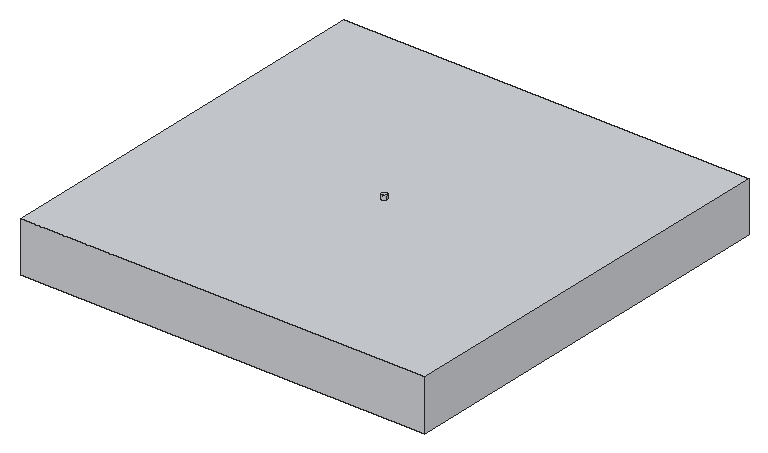
Revit family "M_Conector de tubulação - Água gelada doméstica - Peças hidrossanitárias", category Peças hidrossanitárias, Revit 2019
Family settings
  Hospedeiro = Face
  Cota do conector redondo = Usar raio
  Tipo de parte = Normal
  Número OmniClass = 23.45.00.00
  Título OmniClass = Sanitary, Laundry, and Cleaning Equipment
  ID de item do Seek = Pipe Connector - Domestic Cold Water - Plumbing Fixtures-0000-CAN-ENU
  Corte com vazios quando carregada = Não
  Compartilhado = Não
  Ponto de cálculo do ambiente = Não
Parameters (values of type "Padrão")
  Raio nominal [instance] = 15 mm
  Diâmetro nominal [instance] = Raio nominal * 2  # 30 mm
  Espessura [instance] = 25.4 mm
  Default Elevation = 0 mm
  CWFU = 2
Reference planes
  plane 1 "Centro (Frente/Trás)": y = 0
  plane 2: z = 0
  plane 3 "Centro (Esquerda/Direita)": x = 0
  plane 4: z = 25.4
Forms (mm)
  Extrusion 1, solid
    sketch origin (0, 0, 0) x (1, 0, 0) y (0, 1, 0)
      loop
        line (-1219.2, 1219.2) -> (-1219.2, -1219.2) -> (1219.2, -1219.2) -> (1219.2, 1219.2) -> (-1219.2, 1219.2)
    from 0 to -304.8
  Extrusion 2, solid
    sketch origin (0, 0, 0) x (1, 0, 0) y (0, 1, 0)
      loop
        circle (0, 0) r 15
    from 0 to 25.4
Dimensions and locks
  "Espessura": plane 4 to plane 2
  "Raio nominal": radius of Extrusion 2 sketch curve
  aligned and locked: plane 2 to Extrusion 1
  aligned and locked: level to Extrusion 1
  aligned and locked: plane 1 "Centro (Frente/Trás)" to Extrusion 2 sketch curve
  aligned and locked: plane 4 to Extrusion 2
Automatic sketch dimensions
  Extrusion 1 sketch curve to Extrusion 1 sketch curve = 2438.4 mm  (x2)
  Extrusion 2 sketch curve to plane 3 "Centro (Esquerda/Direita)" = 0 mm
Connectors
  piping at (0, 0, 25.4), diameter 30, driven by "Raio nominal", driven by "CWFU"
    settings: on Extrusion 2, index 1, connector inside diameter 30 mm, connector length 0 mm, flow factor 0, pipe flow 0.0 L/s, pressure drop 0.0 Pa, fitting loss kfactor 0, connector angle 0.00°, fixture units 2, engagement length 0 mm, angle of deflection 0.00°, flow configuration 3, flow direction 1, fitting loss method 0, system type 20, joint type 0, gender type 0, connector reference index -1, connector utility 0, adjustable connector no, is connector primary yes, connector description ""
